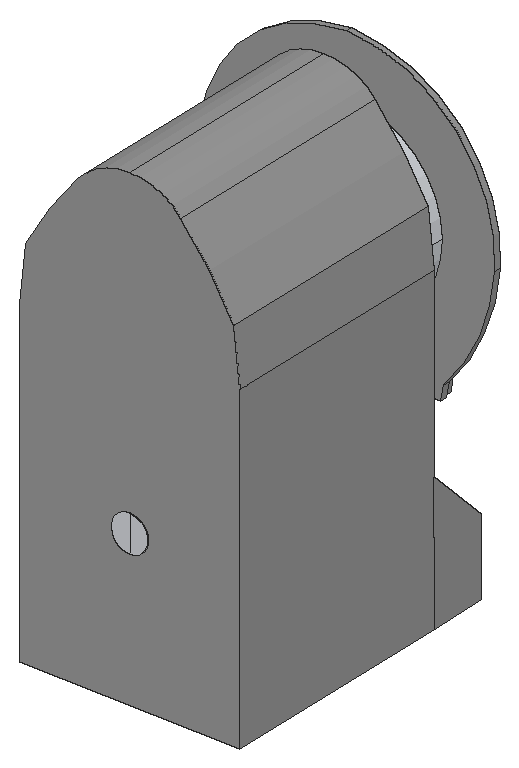
Revit family "Bariatric_Toilet-Willoughby-BETW-1490-FM-FA-10-TS", category Plumbing Fixtures, Revit 2015
Parameters (values of type "Standard")
  Waste DIA = 2 3/8"
  Waste Connection = yes
  Vent Connection = no
  URL = "https://www.willoughby-ind.com/wp-content/uploads/2017/05/BETF-1490-FM-FA-10.pdf"
  Type Comments = ""
  Revision = "A"
  Model = "BETF-1490-FM-FA-10-TS"
  Manufacturer = "Willoughby Industries"
  HW Connection = no
  Flush Inlet DIA = 1 1/2"
  Flush Inlet Connection = yes
  Fixture Body = Stainless Steel AISI 304-Willoughby
  Description = "Bariatric Toilet"
  Default Elevation = 0' - 0"
  Contact = "(800) 428-4065"
  CW Connection = no
Reference planes (in)
  plane 1 "Center (Front/Back)Floor": y = 0
  plane 2: z = 0
  plane 3 "Center (Left/Right)": x = 0
  plane 4 "Toilet Base HGT": y = 15.75
  plane 5 "Top Of Unit": y = 19.625
  plane 6: x = 7.125
  plane 7: x = -7.125
  plane 8: z = 20.875
  plane 9: z = 31
  plane 10: z = 31.5
  plane 11: z = 24.75
  plane 12: z = 29.375
  plane 13: x = 2
  plane 14: x = -2
  plane 15: z = 9
  plane 16: z = 5
  plane 17: z = 21.5
  plane 18: z = 27.6875
  plane 19: z = 13.125
  plane 20: x = 9.625
  plane 21: x = -9.625
  plane 22 "Waste HGT": y = 12.25
  plane 23 "Floor Waste": z = 10
Forms (in)
  Extrusion 1, solid, material "Stainless Steel AISI 304-Willoughby" <- "Fixture Body"
    sketch origin (0, 0, 0) x (1, 0, 0) y (0, 0, 1)
      loop
        line (7.125, 0) -> (7.125, 20.875)
        arc (7.125, 20.875) -> (7.03428, 22.67805) -> (6.76304, 24.46289) r 17.96324
        arc (6.76304, 24.46289) -> (5.19007, 27.08) -> (3.33041, 29.50181) r 26.87644
        arc (3.33041, 29.50181) -> (1.83129, 30.62012) -> (0, 31) r 4.32008
        arc (0, 31) -> (-1.83129, 30.62012) -> (-3.33041, 29.50181) r 4.32008
        arc (-3.33041, 29.50181) -> (-5.19007, 27.08) -> (-6.76304, 24.46289) r 26.87644
        arc (-6.76304, 24.46289) -> (-7.03428, 22.67805) -> (-7.125, 20.875) r 17.96324
        line (-7.125, 20.875) -> (-7.125, 0) -> (7.125, 0)
    from 0 to -15.75
  Extrusion 2, solid, material "Stainless Steel AISI 304-Willoughby" <- "Fixture Body"
    sketch origin (0, 0, 0) x (0, 1, 0) y (0, 0, 1)
      loop
        line (15.75, 8.875) -> (15.75, 0) -> (19.625, 0) -> (19.625, 5) -> (15.75, 8.875)
    from -7.125 to 7.125
  Extrusion 3, solid
    sketch origin (0, 15.75, 0) x (-1, 0, 0) y (0, 0, 1)
      loop
        circle (0, 21.5) r 6.1875
    from 0 to 1.875
  Extrusion 4, solid, material "Stainless Steel AISI 304-Willoughby" <- "Fixture Body"
    sketch origin (0, 15.75, 0) x (-1, 0, 0) y (0, 0, 1)
      loop
        line (-4.75, 12.125) -> (-4.75, 12.625) -> (4.75, 12.625) -> (4.75, 12.125) -> (6.125, 12.125) -> (6.30133, 13.125)
        arc (6.30133, 13.125) -> (8.61843, 16.71898) -> (9.625, 20.875) r 12.82342
        arc (9.625, 20.875) -> (7.07791, 28.23969) -> (0, 31.5) r 9.93325
        arc (0, 31.5) -> (-7.07791, 28.23969) -> (-9.625, 20.875) r 9.93325
        arc (-9.625, 20.875) -> (-8.61843, 16.71898) -> (-6.30133, 13.125) r 12.82342
        line (-6.30133, 13.125) -> (-6.125, 12.125) -> (-4.75, 12.125)
    from 1.875 to 2.25
  Blend 5, solid, material "Stainless Steel AISI 304-Willoughby" <- "Fixture Body"
    base sketch origin (0, 15.75, 0) x (-1, 0, 0) y (0, 0, 1)
      loop
        line (-4.60785, 12.15929) -> (-4.60785, 12.40929) -> (4.64215, 12.40929) -> (4.64215, 12.15929) -> (5.98395, 12.15929) -> (6.22068, 14.59691)
        arc (6.22068, 14.59691) -> (8.11105, 18.09183) -> (8.6336, 22.03074) r 10.97859
        arc (8.6336, 22.03074) -> (5.98369, 28.04088) -> (0, 30.75) r 9.19603
        arc (0, 30.75) -> (-5.98369, 28.04088) -> (-8.6336, 22.03074) r 9.19603
        arc (-8.6336, 22.03074) -> (-8.11105, 18.09183) -> (-6.22068, 14.59691) r 10.97859
        line (-6.22068, 14.59691) -> (-5.98395, 12.15929) -> (-4.60785, 12.15929)
    top sketch origin (0, 15.75, 0) x (-1, 0, 0) y (0, 0, 1)
      loop
        arc (6.22944, 13.99176) -> (8.35674, 17.14799) -> (9.12911, 20.875) r 9.85348
        arc (9.12911, 20.875) -> (6.86364, 28.01045) -> (0, 31) r 9.05259
        arc (0, 31) -> (-6.86364, 28.01045) -> (-9.12911, 20.875) r 9.05259
        arc (-9.12911, 20.875) -> (-8.34629, 17.12327) -> (-6.19132, 13.954) r 9.85348
        line (-6.19132, 13.954) -> (-6.01467, 12.135) -> (-4.5826, 12.135) -> (-4.5826, 12.385) -> (4.63006, 12.385) -> (4.63006, 12.125) -> (5.99156, 12.125) -> (6.22944, 13.99176)
    from 2.875 to 2.25
  Extrusion 6, solid, material "Stainless Steel AISI 304-Willoughby" <- "Fixture Body"
    sketch origin (0, 19.625, 0) x (-1, 0, 0) y (0, 0, 1)
      loop
        circle (0, 2.5) r 0.75
    from 0 to 1.125
  Revolve 7, solid, detail levels medium+fine
    sketch origin (0, 0, 0) x (0, 1, 0) y (0, 0, 1)
      loop
        line (0, 10) -> (2.25, 10) -> (2.25, 11.1875) -> (0, 11.1875) -> (0, 10)
      axis (0, 10) -> (2.25, 10)
    angle from 0 to 360
Lines and regions (in)
  symbolic lines
    curve 1: line (0, 15.75, 8.875) -> (0, 15.75, 31)
    curve 2: line (0, 15.75, 31) -> (0, 0, 31)
    curve 3: line (0, 0, 31) -> (0, 0, 0)
    curve 4: line (0, 0, 0) -> (0, 15.75, 0)
    curve 11: line (0, 18, 12.125) -> (0, 17.625, 12.125)
    curve 16: line (0, 15.75, 8.875) -> (0, 19.625, 5)
    curve 17: line (0, 19.625, 5) -> (0, 19.625, 0)
    curve 18: line (0, 19.625, 0) -> (0, 15.75, 0)
    curve 22: line (7.125, 19.625, -0.25) -> (7.125, 19.625, 14.12365)
    curve 23: arc (7.125, 19.625, 14.12365) -> (8.85852, 19.625, 17.32028) -> (9.625, 19.625, 20.875) r 12.82342
    curve 24: arc (9.625, 19.625, 20.875) -> (9.10381, 19.625, 24.81755) -> (7.07791, 19.625, 28.23969) r 9.93325
    curve 25: arc (7.07791, 19.625, 28.23969) -> (3.87202, 19.625, 30.5929) -> (0, 19.625, 31.5) r 9.93325
    curve 26: arc (0, 19.625, 31.5) -> (-3.87202, 19.625, 30.5929) -> (-7.07791, 19.625, 28.23969) r 9.93325
    curve 27: arc (-7.07791, 19.625, 28.23969) -> (-9.10381, 19.625, 24.81755) -> (-9.625, 19.625, 20.875) r 9.93325
    curve 28: arc (-9.625, 19.625, 20.875) -> (-8.85852, 19.625, 17.32028) -> (-7.125, 19.625, 14.12365) r 12.82342
    curve 29: line (-7.125, 19.625, 14.12365) -> (-7.125, 19.625, 0)
    curve 30: line (-7.125, 19.625, 0) -> (7.125, 19.625, 0)
    curve 57: line (7.125, 19.625, 0) -> (-7.125, 19.625, 0)
    curve 58: line (-7.125, 19.625, 0) -> (-7.125, 0, 0)
    curve 59: line (-7.125, 0, 0) -> (7.125, 0, 0)
    curve 60: line (7.125, 0, 0) -> (7.125, 19.625, 0)
    curve 61: line (-6.76304, 15.75, 0) -> (-6.76304, 0, 0)
    curve 62: line (-7.125, 15.75, 0) -> (7.125, 15.75, 0)
    curve 63: line (6.1875, 17.625, 0) -> (6.1875, 15.75, 0)
    curve 64: line (-6.17726, 15.75, 0) -> (-6.17726, 17.625, 0)
    curve 65: line (-6.17726, 17.625, 0) -> (6.1875, 17.625, 0)
    curve 75: line (6.76304, 15.75, 0) -> (6.76304, 0, 0)
  symbolic lines, detail levels medium+fine
    curve 5: line (0, 15.75, 15.375) -> (0, 17.625, 15.375)
    curve 6: line (0, 17.625, 15.375) -> (0, 17.625, 27.6875)
    curve 7: line (0, 17.625, 27.6875) -> (0, 15.75, 27.6875)
    curve 8: line (0, 17.625, 27.6875) -> (0, 17.625, 31.5)
    curve 9: line (0, 17.625, 31.5) -> (0, 18, 31.5)
    curve 10: line (0, 18, 31.5) -> (0, 18, 12.125)
    curve 12: line (0, 17.625, 12.125) -> (0, 17.625, 15.375)
    curve 13: line (0, 18, 12.125) -> (0, 18.625, 12.15929)
    curve 14: line (0, 18.625, 12.15929) -> (0, 18.625, 30.75)
    curve 15: line (0, 18.625, 30.75) -> (0, 18, 31)
    curve 31: line (-7.125, 19.625, 5) -> (7.125, 19.625, 5)
    curve 32: line (-7.125, 19.625, 8.875) -> (7.125, 19.625, 8.875)
    curve 33: line (-7.125, 19.625, 14.12365) -> (-6.30133, 19.625, 13.125)
    curve 34: line (-6.30133, 19.625, 13.125) -> (-6.125, 19.625, 12.125)
    curve 35: line (-6.125, 19.625, 12.125) -> (-4.75, 19.625, 12.125)
    curve 36: line (-4.75, 19.625, 12.125) -> (-4.75, 19.625, 12.625)
    curve 37: line (-4.75, 19.625, 12.625) -> (4.75, 19.625, 12.625)
    curve 38: line (4.75, 19.625, 12.625) -> (4.75, 19.625, 12.125)
    curve 39: line (4.75, 19.625, 12.125) -> (6.125, 19.625, 12.125)
    curve 40: line (6.125, 19.625, 12.125) -> (6.30133, 19.625, 13.125)
    curve 41: arc (6.30133, 19.625, 13.125) -> (6.72577, 19.625, 13.61393) -> (7.125, 19.625, 14.12365) r 12.82342
    curve 53: line (0, 17.625, 12.125) -> (0, 18, 12.125)
    curve 66: line (-6.17726, 17.625, 0) -> (-9.6494, 17.625, 0)
    curve 67: line (-9.6494, 17.625, 0) -> (-9.6494, 18, 0)
    curve 68: line (-9.6494, 18, 0) -> (-9.12911, 18, 0)
    curve 69: line (-9.12911, 18, 0) -> (-8.6336, 18.625, 0)
    curve 70: line (-8.6336, 18.625, 0) -> (8.64736, 18.625, 0)
    curve 71: line (8.64736, 18.625, 0) -> (9.14287, 18, 0)
    curve 72: line (9.14287, 18, 0) -> (9.6494, 18, 0)
    curve 73: line (9.6494, 18, 0) -> (9.6494, 17.625, 0)
    curve 74: line (6.1875, 17.625, 0) -> (9.6494, 17.625, 0)
  symbolic lines, detail levels fine
    curve 19: line (0, 19.625, 1.75) -> (0, 20.75, 1.75)
    curve 20: line (0, 20.75, 1.75) -> (0, 20.75, 3.25)
    curve 21: line (0, 20.75, 3.25) -> (0, 19.625, 3.25)
    curve 42: line (-6.22068, 19.625, 14.59691) -> (-5.98395, 19.625, 12.15929)
    curve 43: line (-5.98395, 19.625, 12.15929) -> (-4.64215, 19.625, 12.15929)
    curve 44: line (-4.64215, 19.625, 12.15929) -> (-4.64215, 19.625, 12.385)
    curve 45: line (-4.64215, 19.625, 12.385) -> (4.60785, 19.625, 12.385)
    curve 46: line (4.60785, 19.625, 12.385) -> (4.60785, 19.625, 12.15929)
    curve 47: line (4.60785, 19.625, 12.15929) -> (5.98395, 19.625, 12.15929)
    curve 48: line (5.98395, 19.625, 12.15929) -> (6.22068, 19.625, 14.59691)
    curve 49: arc (6.22068, 19.625, 14.59691) -> (7.91817, 19.625, 17.54689) -> (8.63061, 19.625, 20.875) r 10.97859
    curve 50: arc (8.63061, 19.625, 20.875) -> (6.37958, 19.625, 27.61664) -> (0, 19.625, 30.75) r 9.21317
    curve 51: arc (0, 19.625, 30.75) -> (-6.36999, 19.625, 27.60827) -> (-8.63061, 19.625, 20.875) r 9.24339
    curve 52: arc (-8.63061, 19.625, 20.875) -> (-7.89379, 19.625, 17.55625) -> (-6.22068, 19.625, 14.59691) r 11.52349
    curve 54: line (0.75, 19.625, 0) -> (0.75, 20.75, 0)
    curve 55: line (0.75, 20.75, 0) -> (-0.75, 20.75, 0)
    curve 56: line (-0.75, 20.75, 0) -> (-0.75, 19.625, 0)
Dimensions and locks (in)
  plane 9 to level = 2' - 7"
  plane 1 "Center (Front/Back)Floor" to plane 4 "Toilet Base HGT" = 1' - 3 3/4"
  plane 1 "Center (Front/Back)Floor" to plane 5 "Top Of Unit" = 1' - 7 5/8"
  plane 7 to plane 6 = 1' - 2 1/4"
  plane 10 to level = 2' - 7 1/2"
  plane 4 "Toilet Base HGT" to plane 1 "Center (Front/Back)Floor" = 1' - 3 3/4"
  level to plane 10 = 2' - 7 1/2"
  plane 6 to plane 7 = 1' - 2 1/4"
  aligned and locked: Extrusion 1 to plane 7
  aligned and locked: Extrusion 1 to level
  aligned and locked: Extrusion 2 to plane 4 "Toilet Base HGT"
  aligned and locked: plane 5 "Top Of Unit" to Extrusion 2
  aligned and locked: Extrusion 2 to level
  aligned and locked: plane 6 to Extrusion 2
  aligned and locked: Extrusion 2 to plane 7
  aligned and locked: curve 62 to curve 75
  aligned and locked: curve 75 to Extrusion 1
  aligned and locked: Revolve 7 sketch curve to Revolve 7 sketch curve  (x2)
Connectors (in)
  piping at (0, 20.75, 2.5), diameter 1.5, driven by "Flush Inlet DIA", driven by "Flush Inlet Connection"
    settings: on Extrusion 6, index 2, connector inside diameter 24", connector length 0' - 0", flow factor 0, pipe flow 0 GPM, pressure drop 0.00 psi, fitting loss kfactor 0, connector angle 0.00°, fixture units 0, engagement length 0' - 0", angle of deflection 0.00°, flow configuration 0, flow direction 1, fitting loss method 0, system type 20, joint type 0, gender type 0, connector reference index -1, connector utility 1, adjustable connector no, is connector primary yes, connector description "Flush Inlet"
  piping at (0, 0, 10), diameter 2.375, driven by "Waste DIA", driven by "Waste Connection"
    settings: on Revolve 7, index 3, connector inside diameter 24", connector length 0' - 0", flow factor 0, pipe flow 0 GPM, pressure drop 0.00 psi, fitting loss kfactor 0, connector angle 0.00°, fixture units 0, engagement length 0' - 0", angle of deflection 0.00°, flow configuration 0, flow direction 0, fitting loss method 0, system type 7, joint type 0, gender type 0, connector reference index -1, connector utility 1, adjustable connector no, is connector primary no, connector description ""
